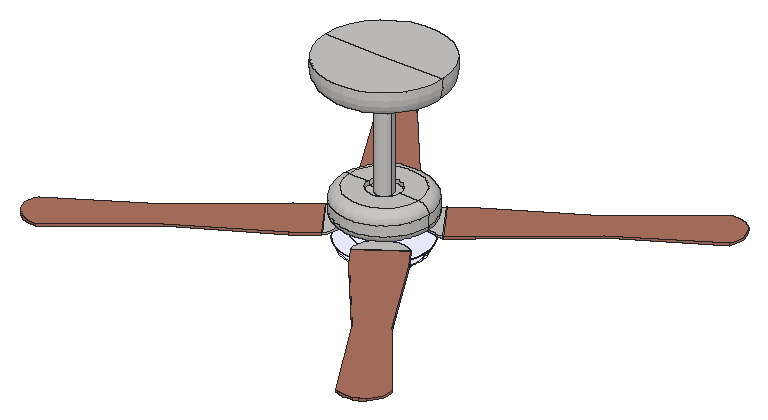
Revit family
Reference planes (in)
  plane 1 "Center (Front/Back)": y = 0
  plane 2 "Ceiling": z = 96
  plane 3 "Center (Left/Right)": x = 0
Forms (in)
  Revolve 1, solid, material "Default 2"
    sketch origin (0, 0, 0) x (1, 0, 0) y (0, 0, 1)
      loop
        spline (-7.48594, 96) -> (-7.4841, 94.53391) -> (-7.1171, 93.61777) -> (-6.4994, 93.12683) -> (-5.74545, 92.93637) -> (-4.96971, 92.92166) -> (-4.28464, 92.95949) -> (-3.73599, 92.97741) -> (-3.28845, 92.96467) -> (-2.90183, 92.91421) -> (-2.53319, 92.80987) -> (-2.08084, 92.43976) -> (-1.38649, 91.40373)
        arc (-1.38649, 91.40373) -> (-1.31611, 91.0352) -> (-1.11486, 90.71855) r 1
        line (-1.11486, 90.71855) -> (-1.11486, 80.71855) -> (-2.11486, 80.71855) -> (-2.11486, 81.21855) -> (-4.47851, 81.21855)
        arc (-4.47851, 81.21855) -> (-5.36239, 80.85243) -> (-5.72851, 79.96855) r 1.25
        line (-5.72851, 79.96855) -> (-5.72851, 78.71855)
        arc (-5.72851, 78.71855) -> (-5.31583, 77.98968) -> (-4.47851, 77.96855) r 0.85
        line (-4.47851, 77.96855) -> (-0.11486, 77.96855) -> (-0.11486, 96) -> (-7.48594, 96)
      axis (-0.11486, 96) -> (-0.11486, 77.96855)
    angle from 0 to 360
  Extrusion 2, solid, material "Default 2"
    sketch origin (-0.11486, 0, 77.96855) x (0, 1, 0) y (1, 0, 0)
      loop
        arc (-3.17329, -1.11551) -> (-1.94447, -2.74466) -> (0, -3.36365) r 3.36365
        line (0, -3.36365) -> (0, -2)
        arc (0, -2) -> (-1.15617, -1.63195) -> (-1.88681, -0.66327) r 2
        line (-1.88681, -0.66327) -> (-3.17329, -1.11551)
    from 0 to 0.5
  Extrusion 3, solid, material "Default 2"
    sketch origin (-0.11486, 0, 77.46855) x (-1, 0, 0) y (0, 1, 0)
      loop
        arc (3.04892, -2.77279) -> (2.70443, -4.35898) -> (3.16161, -5.91644) r 3.28438
        line (3.16161, -5.91644) -> (4.89586, -3.46851) -> (6.63012, -1.02058)
        arc (6.63012, -1.02058) -> (5.00918, -1.10578) -> (3.627, -1.95681) r 3.28438
        line (3.627, -1.95681) -> (1.86917, -0.71147)
        arc (1.86917, -0.71147) -> (1.63195, -1.15617) -> (1.29109, -1.52744) r 2
        line (1.29109, -1.52744) -> (3.04892, -2.77279)
    from 0 to 0.25
  Extrusion 4, solid, material "fan"
    sketch origin (-4.72168, -3.87649, 77.46855) x (-0.578084, 0.815977, 0) y (0, 0, -1)
      loop
        line (-2.5, 0) -> (3.5, 0) -> (3.5, 0.25) -> (-2.5, 0.25) -> (-2.5, 0)
    from 0 to 30
  Extrusion 5, void
    sketch origin (-6.74498, -1.02058, 77.21855) x (-0.578084, 0.815977, 0) y (-0.815977, -0.578084, 0)
      loop
        arc (-5.76235, 28.34629) -> (-3, 30.02628) -> (-0.23765, 28.34629) r 3.11101
        arc (-0.23765, 28.34629) -> (-1.01587, 15.78965) -> (0, 3.25) r 88.21649
        line (0, 3.25) -> (2.27049, 3.59827) -> (3.70529, 30.97592) -> (-8, 32) -> (-8, 3.25) -> (-6, 3.25)
        arc (-6, 3.25) -> (-4.98413, 15.78965) -> (-5.76235, 28.34629) r 88.21649
    from 0 to 1
  Extrusion 6, solid, material "Default 2"
    sketch origin (-0.15819, 0.06871, 77.96855) x (0, -1, 0) y (-1, 0, 0)
      loop
        arc (-3.17329, -1.11551) -> (-1.94447, -2.74466) -> (0, -3.36365) r 3.36365
        line (0, -3.36365) -> (0, -2)
        arc (0, -2) -> (-1.15617, -1.63195) -> (-1.88681, -0.66327) r 2
        line (-1.88681, -0.66327) -> (-3.17329, -1.11551)
    from 0 to 0.5
  Extrusion 7, solid, material "Default 2"
    sketch origin (-0.15819, 0.06871, 77.46855) x (1, 0, 0) y (0, -1, 0)
      loop
        arc (3.04892, -2.77279) -> (2.70443, -4.35898) -> (3.16161, -5.91644) r 3.28438
        line (3.16161, -5.91644) -> (4.89586, -3.46851) -> (6.63012, -1.02058)
        arc (6.63012, -1.02058) -> (5.00918, -1.10578) -> (3.627, -1.95681) r 3.28438
        line (3.627, -1.95681) -> (1.86917, -0.71147)
        arc (1.86917, -0.71147) -> (1.63195, -1.15617) -> (1.29109, -1.52744) r 2
        line (1.29109, -1.52744) -> (3.04892, -2.77279)
    from 0 to 0.25
  Extrusion 8, solid, material "fan"
    sketch origin (4.44863, 3.94521, 77.46855) x (0.578084, -0.815977, 0) y (0, 0, -1)
      loop
        line (-2.5, 0) -> (3.5, 0) -> (3.5, 0.25) -> (-2.5, 0.25) -> (-2.5, 0)
    from 0 to 30
  Extrusion 9, void
    sketch origin (6.47192, 1.08929, 77.21855) x (0.578084, -0.815977, 0) y (0.815977, 0.578084, 0)
      loop
        arc (-5.76235, 28.34629) -> (-3, 30.02628) -> (-0.23765, 28.34629) r 3.11101
        arc (-0.23765, 28.34629) -> (-1.01587, 15.78965) -> (0, 3.25) r 88.21649
        line (0, 3.25) -> (2.27049, 3.59827) -> (3.70529, 30.97592) -> (-8, 32) -> (-8, 3.25) -> (-6, 3.25)
        arc (-6, 3.25) -> (-4.98413, 15.78965) -> (-5.76235, 28.34629) r 88.21649
    from 0 to 1
  Extrusion 10, solid, material "Default 2"
    sketch origin (-0.29245, 0.1394, 77.96855) x (1, 0, 0) y (0, -1, 0)
      loop
        arc (-3.17329, -1.11551) -> (-1.94447, -2.74466) -> (0, -3.36365) r 3.36365
        line (0, -3.36365) -> (0, -2)
        arc (0, -2) -> (-1.15617, -1.63195) -> (-1.88681, -0.66327) r 2
        line (-1.88681, -0.66327) -> (-3.17329, -1.11551)
    from 0 to 0.5
  Extrusion 11, solid, material "Default 2"
    sketch origin (-0.29245, 0.1394, 77.46855) x (0, 1, 0) y (1, 0, 0)
      loop
        arc (3.04892, -2.77279) -> (2.70443, -4.35898) -> (3.16161, -5.91644) r 3.28438
        line (3.16161, -5.91644) -> (4.89586, -3.46851) -> (6.63012, -1.02058)
        arc (6.63012, -1.02058) -> (5.00918, -1.10578) -> (3.627, -1.95681) r 3.28438
        line (3.627, -1.95681) -> (1.86917, -0.71147)
        arc (1.86917, -0.71147) -> (1.63195, -1.15617) -> (1.29109, -1.52744) r 2
        line (1.29109, -1.52744) -> (3.04892, -2.77279)
    from 0 to 0.25
  Extrusion 12, solid, material "fan"
    sketch origin (-4.16894, 4.74622, 77.46855) x (0.815977, 0.578084, 0) y (0, 0, -1)
      loop
        line (-2.5, 0) -> (3.5, 0) -> (3.5, 0.25) -> (-2.5, 0.25) -> (-2.5, 0)
    from 0 to 30
  Extrusion 13, void
    sketch origin (-1.31302, 6.76952, 77.21855) x (0.815977, 0.578084, 0) y (-0.578084, 0.815977, 0)
      loop
        arc (-5.76235, 28.34629) -> (-3, 30.02628) -> (-0.23765, 28.34629) r 3.11101
        arc (-0.23765, 28.34629) -> (-1.01587, 15.78965) -> (0, 3.25) r 88.21649
        line (0, 3.25) -> (2.27049, 3.59827) -> (3.70529, 30.97592) -> (-8, 32) -> (-8, 3.25) -> (-6, 3.25)
        arc (-6, 3.25) -> (-4.98413, 15.78965) -> (-5.76235, 28.34629) r 88.21649
    from 0 to 1
  Extrusion 14, solid, material "Default 2"
    sketch origin (-0.10095, -0.02063, 77.96855) x (-1, 0, 0) y (0, 1, 0)
      loop
        arc (-3.17329, -1.11551) -> (-1.94447, -2.74466) -> (0, -3.36365) r 3.36365
        line (0, -3.36365) -> (0, -2)
        arc (0, -2) -> (-1.15617, -1.63195) -> (-1.88681, -0.66327) r 2
        line (-1.88681, -0.66327) -> (-3.17329, -1.11551)
    from 0 to 0.5
  Extrusion 15, solid, material "Default 2"
    sketch origin (-0.10095, -0.02063, 77.46855) x (0, -1, 0) y (-1, 0, 0)
      loop
        arc (3.04892, -2.77279) -> (2.70443, -4.35898) -> (3.16161, -5.91644) r 3.28438
        line (3.16161, -5.91644) -> (4.89586, -3.46851) -> (6.63012, -1.02058)
        arc (6.63012, -1.02058) -> (5.00918, -1.10578) -> (3.627, -1.95681) r 3.28438
        line (3.627, -1.95681) -> (1.86917, -0.71147)
        arc (1.86917, -0.71147) -> (1.63195, -1.15617) -> (1.29109, -1.52744) r 2
        line (1.29109, -1.52744) -> (3.04892, -2.77279)
    from 0 to 0.25
  Extrusion 16, solid, material "fan"
    sketch origin (3.77555, -4.62745, 77.46855) x (-0.815977, -0.578084, 0) y (0, 0, -1)
      loop
        line (-2.5, 0) -> (3.5, 0) -> (3.5, 0.25) -> (-2.5, 0.25) -> (-2.5, 0)
    from 0 to 30
  Extrusion 17, void
    sketch origin (0.91963, -6.65074, 77.21855) x (-0.815977, -0.578084, 0) y (0.578084, -0.815977, 0)
      loop
        arc (-5.76235, 28.34629) -> (-3, 30.02628) -> (-0.23765, 28.34629) r 3.11101
        arc (-0.23765, 28.34629) -> (-1.01587, 15.78965) -> (0, 3.25) r 88.21649
        line (0, 3.25) -> (2.27049, 3.59827) -> (3.70529, 30.97592) -> (-8, 32) -> (-8, 3.25) -> (-6, 3.25)
        arc (-6, 3.25) -> (-4.98413, 15.78965) -> (-5.76235, 28.34629) r 88.21649
    from 0 to 1
  Extrusion 18, solid, material "Default 2"
    sketch origin (-0.11486, 0, 77.96855) x (0, 1, 0) y (1, 0, 0)
      loop
        circle (0, 0) r 0.75
    from 0 to 2.67626
  Revolve 19, solid, material "Glass 2"
    sketch origin (0, 0, 0.00003) x (1, 0, 0) y (0, 0, 1)
      loop
        line (-0.11486, 73.22135) -> (-0.11486, 73.34969)
        spline (-0.11486, 73.34969) -> (-0.41512, 73.35162) -> (-0.78156, 73.33273) -> (-1.20531, 73.31032) -> (-1.673, 73.30016) -> (-2.17008, 73.31775) -> (-2.68176, 73.37847) -> (-3.1935, 73.49767) -> (-3.69179, 73.69041) -> (-4.16335, 73.97172) -> (-4.59522, 74.35716) -> (-4.97553, 74.86466) -> (-5.29107, 75.51285)
        line (-5.29107, 75.51285) -> (-5.40776, 75.46805)
        spline (-5.40776, 75.46805) -> (-5.08173, 74.79848) -> (-4.68595, 74.27056) -> (-4.23508, 73.8681) -> (-3.74375, 73.57492) -> (-3.22663, 73.37483) -> (-2.69836, 73.25165) -> (-2.17359, 73.18919) -> (-1.66696, 73.17128) -> (-1.19312, 73.18172) -> (-0.76673, 73.20433) -> (-0.40242, 73.22294) -> (-0.11486, 73.22135)
      axis (-0.11486, 73.22135) -> (-0.11486, 75.51285)
    angle from 0 to 360
  Extrusion 20, solid, material "Default 3"
    sketch origin (-0.11486, 0, 77.96855) x (0, 1, 0) y (1, 0, 0)
      loop
        circle (0, 0) r 4.36365
      loop
        arc (3.242, 1.07218) -> (2.01319, 2.70133) -> (0.06871, 3.32032) r 3.36365
        line (0.06871, 3.32032) -> (0.06871, 1.95667)
        arc (0.06871, 1.95667) -> (1.22488, 1.58862) -> (1.95553, 0.61994) r 2
        line (1.95553, 0.61994) -> (3.242, 1.07218)
      loop
        arc (1.25491, -3.35088) -> (2.88406, -2.12206) -> (3.50305, -0.17759) r 3.36365
        line (3.50305, -0.17759) -> (2.1394, -0.17759)
        arc (2.1394, -0.17759) -> (1.77135, -1.33376) -> (0.80267, -2.0644) r 2
        line (0.80267, -2.0644) -> (1.25491, -3.35088)
      loop
        line (0, -3.36365) -> (0, -2)
        arc (0, -2) -> (-1.15617, -1.63195) -> (-1.88681, -0.66327) r 2
        line (-1.88681, -0.66327) -> (-3.17329, -1.11551)
        arc (-3.17329, -1.11551) -> (-1.94447, -2.74466) -> (0, -3.36365) r 3.36365
      loop
        arc (-1.13614, 3.1872) -> (-2.76529, 1.95838) -> (-3.38428, 0.01391) r 3.36365
        line (-3.38428, 0.01391) -> (-2.02063, 0.01391)
        arc (-2.02063, 0.01391) -> (-1.65258, 1.17008) -> (-0.6839, 1.90073) r 2
        line (-0.6839, 1.90073) -> (-1.13614, 3.1872)
    from 0 to 0.0625
Cuts and joins
  Extrusion 5, Extrusion 9 cuts Extrusion 2
  Extrusion 5, Extrusion 9 cuts Extrusion 3
  joined: Extrusion 2, Extrusion 3
  Extrusion 5, Extrusion 9, Extrusion 13, Extrusion 17 cuts Revolve 1
  Extrusion 5, Extrusion 9 cuts Extrusion 4
  Extrusion 9, Extrusion 13 cuts Extrusion 7
  Extrusion 9, Extrusion 13 cuts Extrusion 8
  Extrusion 13, Extrusion 17 cuts Extrusion 11
  Extrusion 13, Extrusion 17 cuts Extrusion 12
  Extrusion 17 cuts Extrusion 15
  Extrusion 17 cuts Extrusion 16
Lines and regions (in)
  model lines
    curve 1: line (4.24879, 0, 77.96855) -> (-4.47851, 0, 77.96855)
    curve 2: line (-0.86486, 0, 73.96855) -> (0.63514, 0, 73.96855)
    curve 3: line (-0.11486, 0, 73.96855) -> (-0.11486, 0, 75.96855)
Dimensions and locks (in)
  equal spacing: host sketch curve, plane 3 "Center (Left/Right)", host sketch curve
  equal spacing: host sketch curve, plane 1 "Center (Front/Back)", host sketch curve
  host sketch curve to host sketch curve = 10' - 0"  (x2)
Nested families (in)
  nested 1: "Studio Light" at (-0.23986, 0, -21.3125), type "120V"
Definition of nested family "Studio Light"
  Parameters (values of type "277V")
    Wattage Comments = "100"
    Wattage = 100 W
    built-in parameter 1150110 = 1 (stored number, unit not read)
    built-in parameter 1114217 = 1 (stored number, unit not read)
    built-in parameter 1150109 = 1 (stored number, unit not read)
    built-in parameter 1150134 = 12
    built-in parameter 1150113 = 1 (stored number, unit not read)
    built-in parameter 1150115 = 1 (stored number, unit not read)
    built-in parameter 1150105 = 565.8 (stored number, unit not read)
    Light Source Symbol Size = 2' - 0"
    built-in parameter 1150137 = 1
    built-in parameter 1150139 = (empty or 0)
    built-in parameter 1150112 = 1 (stored number, unit not read)
    built-in parameter 1150114 = 1 (stored number, unit not read)
    built-in parameter 1150132 = (empty or 0)
    built-in parameter 1150102 = (empty or 0)
    built-in parameter 1150138 = (empty or 0)
    built-in parameter 1150107 = 4000 (stored number, unit not read)
    built-in parameter 1150106 = 5.658 (stored number, unit not read)
    built-in parameter 1150104 = 6.6054 (stored number, unit not read)
    Dimming Lamp Color Temperature Shift = (empty or 0)
    Default Height = 8' - 0"
    Lumens = 7110 lm
    Color Filter = 16777215
    Ballast Voltage = 277 V
    Ballast Number of Poles = 1
    built-in parameter 1114218 = 1 (stored number, unit not read)
    built-in parameter 1150133 = 10 (stored number, unit not read)
    Assembly Code = ""
    Apparent Load = 100 VA
  Types (2): name | Ballast Voltage
    120V | 120 V
    277V | 277 V
  Reference planes (in)
    plane 1 "Light Source Axis": y = 0
    plane 2: z = 0
    plane 3 "Light Source Axis": x = 0
    plane 4 "Light Source Elevation": z = 96
    plane 5: z = 96.5
  Lines and regions (in)
    model lines, style "LightingFixtures"
      curve 1: arc (1.16687, 0, 95.85672) -> (0.24901, 0, 96.99742) -> (-0.82282, 0, 96) r 1
      curve 2: arc (-0.82282, 0, 96) -> (0.10536, 0, 95.00258) -> (1.16687, 0, 95.85672) r 1
      curve 3: circle (0, 0, 96) r 2 normal (1, 0, 0)
    symbolic lines, style "LightingFixtures"
      curve 4: arc (12, 0, 96) -> (0, -12, 96) -> (-12, 0, 96) r 12
      curve 5: arc (-12, 0, 96) -> (0, 12, 96) -> (12, 0, 96) r 12
  Dimensions and locks (in)
    "Default Height": plane 2 to plane 4 "Light Source Elevation"
    plane 5 to plane 4 "Light Source Elevation" = 0' - 0 1/2"
    aligned and locked: plane 3 "Light Source Axis" to imposter light
    aligned and locked: plane 1 "Light Source Axis" to imposter light
    aligned and locked: plane 4 "Light Source Elevation" to imposter light
    aligned and locked: plane 1 "Light Source Axis" to curve 5
    aligned and locked: plane 3 "Light Source Axis" to curve 5
    aligned and locked: plane 4 "Light Source Elevation" to curve 2
  Automatic sketch dimensions
    curve 4 to plane 3 "Light Source Axis" = 1' - 0"
    curve 2 to plane 3 "Light Source Axis" = 0' - 0.82282"
    plane 3 "Light Source Axis" to curve 2 = 0' - 0.17718"
    plane 4 "Light Source Elevation" to curve 2 = 0' - 0.14328"
    curve 3 to plane 1 "Light Source Axis" = 0' - 0"
    plane 4 "Light Source Elevation" to curve 3 = 0' - 0"
    radius of curve 3 = 0' - 2"
